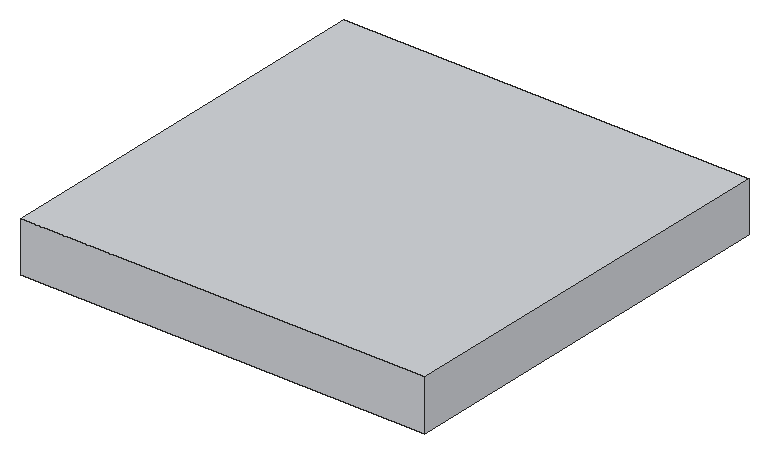
Revit family "CD4K-00X9AZOU05", category Luminarias, Revit 2019
Family settings
  Anfitrión = Cara
  Cota de conector redondo = Diámetro de uso
  Tipo de pieza = Normal
  Número OmniClass = 23.80.70.00
  Título OmniClass = Lighting
  Corte con vacíos al cargar = No
  Origen de luz = No
  Compartido = Sí
  Punto de cálculo de habitación = No
Parameters (values of type "CD4K-00X9AZOU05")
  Versión = "v1"
  Vatios (W) = 53
  Tipo de regulación = "ON-OFF"
  Tipo = "Pendant"
  Tender text (English) = "LEDS C4 Circular Inward ø900 Surface CD4K-00X9AZOU05V1  Pendant for indoor use.  Structure material: Aluminium. Structure finish: Black. Diffuser material: Polycarbonate. Diffuser finish: Opal. Warranty: 5 Years.  Product net weight (Kg): 5 Product width or diameter (mm): 916 Product height (mm): 3000  Class 1. IP: IP20. LED. No. of lampholders or LEDs: 1. Driver brand: MEANWELL. Maximum power of light source: 49.6W. Colour temperature: 4000K. Colour rendering index: 90. Hours of life: 50.000h L80B20. UGR: 8.3. Real flux (lm): 2971. Real lm/W: 56. Voltage / frequency range: 90-305/50-60Hz. Voltage: 2,8. Equipment included: Yes. Total power: 53. Power factor: 0.90. Dimmable equipment included: ON-OFF."
  Tender text (Castellano) = "LEDS C4 Circular Inward ø900 Surface CD4K-00X9AZOU05V1  Pendant for indoor use.  Structure material: Aluminium. Structure finish: Black. Diffuser material: Polycarbonate. Diffuser finish: Opal. Warranty: 5 Years.  Product net weight (Kg): 5 Product width or diameter (mm): 916 Product height (mm): 3000  Class 1. IP: IP20. LED. No. of lampholders or LEDs: 1. Driver brand: MEANWELL. Maximum power of light source: 49.6W. Colour temperature: 4000K. Colour rendering index: 90. Hours of life: 50.000h L80B20. UGR: 8.3. Real flux (lm): 2971. Real lm/W: 56. Voltage / frequency range: 90-305/50-60Hz. Voltage: 2,8. Equipment included: Yes. Total power: 53. Power factor: 0.90. Dimmable equipment included: ON-OFF."
  Temperatura color led (K) = "LED neutral-white 4000K"
  Referencia = "CD4K-00X9AZOU05"
  Rayo de luz = "Check Photometric file"
  Producto descatalogado = "Catalogado EN"
  Pluma comercial = ""
  Peso neto (KG) = 5
  Material = "Aluminium, Polycarbonate"
  Lumenes reales (lm) = 2971
  LDT = "https://files.leds-c4.com/ldt/CD4K-00X9AZOU05V1.html"
  Imagen web = "https://files.leds-c4.com/main-photo/CD4K-00X9AZOU05V1"
  IfcExportType = "NOTDEFINED"
  IfcExportAs = "IfcLightFixture\r\nIfcLightFixture"
  IP = "IP20"
  IMC = "https://files.leds-c4.com/imc/CD4K-00X9AZOU05V1.html"
  IK = ""
  Fuente de luz = ""
  Fotometría = "https://files.leds-c4.com/fm/CD4K-00X9AZOU05V1.html"
  Ficha = "https://files.leds-c4.com/ft/en/CD4K-00X9AZOU05V1.html"
  FechaVersion = "Creada: 23/12/2022"
  Familia = "Circular Inward ø900 Surface"
  Fabricante = "LEDS C4"  # constant formula
  Etiqueta V/f = "100-240V/50-60Hz"
  Elevación por defecto = 1000 mm
  Eficiencia energética = "G"
  EAN13 = "8435575378537"
  DescripcionUniformat2010 = "Lighting"
  DescripcionUniclass2015 = "Lighting"
  DescripcionOmniclass = "Lighting"
  DescripcionGubimclass = "Iluminación interior"
  CodigoUniformat2010 = "D5040"
  CodigoUniclass2015 = "EF_70_80"
  CodigoOmniclass = "21-04 50 40"
  CodigoGubimclass = "50.60.50.20"
  Catálogo = "Decorative"
  Carga aparente = 0 VA
  CRI = 90
  Acabado = "Black, Opal"
Reference planes
  plane 1 "Centro (Frontal/Posterior)": y = 0
  plane 2: z = 0
  plane 3 "Centro (Izquierda/Derecha)": x = 0
  plane 4 "Elevación de origen de luz": z = 0
  plane 5 "Eje de origen de luz (F/P)": y = 0
  plane 6 "Eje de origen de luz (I/D)": x = 0
Forms (mm)
  Extrusion 1, solid
    sketch origin (0, 0, 0) x (1, 0, 0) y (0, 1, 0)
      loop
        line (-1219.2, 1219.2) -> (-1219.2, -1219.2) -> (1219.2, -1219.2) -> (1219.2, 1219.2) -> (-1219.2, 1219.2)
    from 0 to -304.8
Dimensions and locks
  aligned and locked: plane 2 to Extrusion 1
  aligned and locked: level to Extrusion 1
Connectors
  electrical at (0, 0, 0)
    settings: on Extrusion 1, index 1, voltage 0 V, apparent load 0 VA, apparent load phase1 0 VA, apparent load phase2 0 VA, apparent load phase3 0 VA, power factor 1, load classification "Otro", number of poles 1, system type 31, power factor state 1, is connector primary yes, connector utility no, sub classification motor no, connector description ""
